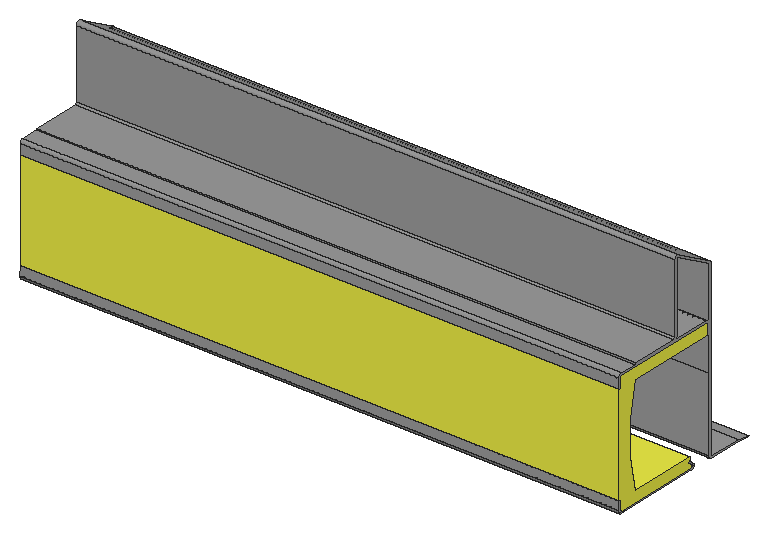
Revit family "Roller Shutter Lintel", category Generic Models, Revit 2014
Parameters (values of type "Max lintel length 4800mm")
  URL = "http://www.keystonelintels.co.uk"
  Structural Opening [instance] = 900 mm
  Structural Performance = "The Keystone lintel range has safe working loads as detailed in each applicable loading table in the Keystone Lintel Guide brochure. The structural performance figures within each table have been ascertained by testing in accordance with the requirements of standards BS EN 5977-2: 1983 and BS EN 845-2: 2003."
  RIBA Productor Selector = "available for Keystone Lintels Ltd from Keystone Lintels Ltd from ribaproductselector.com"
  Model = "Roller Shutter Lintel"
  Min Length = 600 mm
  Min Clear Span = 300 mm
  Max Length = 4800 mm
  Max Clear Span = 4800 mm
  Material - Stainless Steel = "Grade 304 2b 1.4307 to BS EN 10088-2. Other grades available on request: contact manufacturer."
  Material - Galvanised Steel = "To BS EN 10346: 2009. DX51D plus Z600 or grade Z275 to BS 5977-2: 1983 (BS EN 845-2: 2003)."
  Manufacturer = "Keystone"
  Manufactured Length [instance] = (roundup(Effective Length / 150 mm) * 150 mm)  # 1200 mm
  Lintel height [instance] = 2100 mm
  Keynote = "F30/755"
  Fire Performance = "Keystone lintels have been subjected to a fire test (WARRES No. 101263) in accordance with BS 476-20: 1987, at Exova Warrington Fire and achieved a one hour fire performance."
  End Bearing = 150 mm
  Effective Length [instance] = Clear Opening with MIN MAX set + End Bearing * 2  # 1200 mm
  Corrosion = "Keystone’s standard range of lintels are manufactured from high quality grade pre-galvanized carbon steel with a zinc coating of 600"
  Contact Tel = "+44 (0)28 8676 2184"
  Contact Email = "info@keystonelintels.co.uk"
  Clear Opening with MIN MAX set [instance] = if(Structural Opening < Min Clear Span, Min Clear Span, (if(Structural Opening > Max Clear Span, Max Clear Span, Structural Opening)))  # 900 mm
  CPD Information = "Available for Keystone Lintels Ltd from ribacpd.com"
Reference planes
  plane 1 "Center (Front/Back)": y = 0
  plane 2: z = 0
  plane 3 "Center (Left/Right)": x = 0
  plane 4: x = -600
  plane 5: x = 600
  plane 6: z = 2100
  plane 7: x = -450
  plane 8: x = 450
Forms (mm)
  Extrusion 1, solid, not visible
    sketch origin (0, 1152.446, 682.92) x (0, 1, 0) y (0, 0, 1)
      loop
        line (-555.344, 908.252) -> (-554.986, 911.23) -> (-579.986, 914.23) -> (-646.986, 914.23)
        arc (-646.986, 914.23) -> (-649.108, 915.109) -> (-649.986, 917.23) r 3
        line (-649.986, 917.23) -> (-649.986, 1111.23) -> (-649.986, 1264.084)
        arc (-649.986, 1264.084) -> (-650.388, 1265.584) -> (-651.486, 1266.682) r 3
        line (-651.486, 1266.682) -> (-728.986, 1311.427)
        arc (-728.986, 1311.427) -> (-734.986, 1311.427) -> (-737.986, 1306.23) r 6
        line (-737.986, 1306.23) -> (-737.986, 1168.23)
        arc (-737.986, 1168.23) -> (-738.865, 1166.109) -> (-740.986, 1165.23) r 3
        line (-740.986, 1165.23) -> (-837.986, 1165.23) -> (-837.986, 1162.23) -> (-740.986, 1162.23)
        arc (-740.986, 1162.23) -> (-736.744, 1163.988) -> (-734.986, 1168.23) r 6
        line (-734.986, 1168.23) -> (-734.986, 1306.23)
        arc (-734.986, 1306.23) -> (-733.486, 1308.828) -> (-730.486, 1308.828) r 3
        line (-730.486, 1308.828) -> (-654.504, 1264.96)
        arc (-654.504, 1264.96) -> (-653.404, 1263.86) -> (-652.986, 1262.362) r 3.066
        line (-652.986, 1262.362) -> (-652.986, 1067.23) -> (-652.986, 917.23)
        arc (-652.986, 917.23) -> (-651.229, 912.988) -> (-646.986, 911.23) r 6
        line (-646.986, 911.23) -> (-580.166, 911.23) -> (-555.344, 908.252)
    from 0 to 250
  Extrusion 2, solid, not visible
    sketch origin (0, 587.529, 977.146) x (0, 1, 0) y (0, 0, 1)
      loop
        line (-695.852, 919.352) -> (-703.287, 926.787) -> (-701.166, 928.908) -> (-701.166, 936.23) -> (-875.986, 936.23) -> (-875.986, 917.23)
        arc (-875.986, 917.23) -> (-875.108, 915.109) -> (-872.986, 914.23) r 3
        line (-872.986, 914.23) -> (-697.974, 914.23)
        arc (-697.974, 914.23) -> (-695.202, 916.082) -> (-695.852, 919.352) r 3
    from 0 to 250
  Extrusion 3, solid, not visible
    sketch origin (0, 195.986, 825.77) x (0, 1, 0) y (0, 0, 1)
      loop
        line (-703.287, 926.787) -> (-695.852, 919.352)
        arc (-695.852, 919.352) -> (-695.202, 916.082) -> (-697.974, 914.23) r 3
        line (-697.974, 914.23) -> (-872.986, 914.23)
        arc (-872.986, 914.23) -> (-875.108, 915.109) -> (-875.986, 917.23) r 3
        line (-875.986, 917.23) -> (-875.986, 936.23) -> (-878.986, 936.23) -> (-878.986, 917.23)
        arc (-878.986, 917.23) -> (-877.229, 912.988) -> (-872.986, 911.23) r 6
        line (-872.986, 911.23) -> (-697.974, 911.23)
        arc (-697.974, 911.23) -> (-692.43, 914.934) -> (-693.731, 921.473) r 6
        line (-693.731, 921.473) -> (-701.166, 928.908) -> (-703.287, 926.787)
    from 0 to 250
  Extrusion 4, solid, not visible
    sketch origin (0, 395.306, 1132.595) x (0, 1, 0) y (0, 0, 1)
      loop
        arc (-838.986, 936.23) -> (-853.986, 1036.23) -> (-838.986, 1136.23) r 340.833
        line (-838.986, 1136.23) -> (-875.986, 1136.23) -> (-878.986, 1136.23) -> (-878.986, 936.23) -> (-838.986, 936.23)
    from 0 to 250
  Extrusion 5, solid, not visible
    sketch origin (0, 250.964, 1297.917) x (0, 1, 0) y (0, 0, 1)
      loop
        arc (-655.986, 1156.23) -> (-656.865, 1158.352) -> (-658.986, 1159.23) r 3
        line (-658.986, 1159.23) -> (-872.986, 1159.23)
        arc (-872.986, 1159.23) -> (-875.108, 1158.352) -> (-875.986, 1156.23) r 3
        line (-875.986, 1156.23) -> (-875.986, 1136.23) -> (-655.986, 1136.23) -> (-655.986, 1156.23)
    from 0 to 250
  Extrusion 6, solid, not visible
    sketch origin (0, 158.986, 1377.77) x (0, 1, 0) y (0, 0, 1)
      loop
        line (-652.986, 1136.23) -> (-652.986, 1156.23)
        arc (-652.986, 1156.23) -> (-654.744, 1160.473) -> (-658.986, 1162.23) r 6
        line (-658.986, 1162.23) -> (-872.986, 1162.23)
        arc (-872.986, 1162.23) -> (-877.229, 1160.473) -> (-878.986, 1156.23) r 6
        line (-878.986, 1156.23) -> (-878.986, 1136.23) -> (-875.986, 1136.23) -> (-875.986, 1156.23)
        arc (-875.986, 1156.23) -> (-875.108, 1158.352) -> (-872.986, 1159.23) r 3
        line (-872.986, 1159.23) -> (-658.986, 1159.23)
        arc (-658.986, 1159.23) -> (-656.865, 1158.352) -> (-655.986, 1156.23) r 3
        line (-655.986, 1156.23) -> (-655.986, 1136.23) -> (-652.986, 1136.23)
    from 0 to 250
  Extrusion 7, solid, not visible
    sketch origin (0, 588.31, 1386.925) x (0, 1, 0) y (0, 0, 1)
      loop
        line (-652.986, 1156.23) -> (-652.986, 1262.362)
        arc (-652.986, 1262.362) -> (-653.404, 1263.86) -> (-654.504, 1264.96) r 3.066
        line (-654.504, 1264.96) -> (-730.486, 1308.828)
        arc (-730.486, 1308.828) -> (-733.486, 1308.828) -> (-734.986, 1306.23) r 3
        line (-734.986, 1306.23) -> (-734.986, 1168.23)
        arc (-734.986, 1168.23) -> (-736.744, 1163.988) -> (-740.986, 1162.23) r 6
        line (-740.986, 1162.23) -> (-658.986, 1162.23)
        arc (-658.986, 1162.23) -> (-654.744, 1160.473) -> (-652.986, 1156.23) r 6
    from 0 to 250
  Extrusion 8, solid, material "Steel"
    sketch origin (0, 692.495, -414.23) x (0, 1, 0) y (0, 0, 1)
      loop
        line (-555.344, 2508.252) -> (-554.986, 2511.23) -> (-579.986, 2514.23) -> (-646.986, 2514.23)
        arc (-646.986, 2514.23) -> (-649.108, 2515.109) -> (-649.986, 2517.23) r 3
        line (-649.986, 2517.23) -> (-649.986, 2667.23) -> (-649.986, 2864.084)
        arc (-649.986, 2864.084) -> (-650.388, 2865.584) -> (-651.486, 2866.682) r 3
        line (-651.486, 2866.682) -> (-728.986, 2911.427)
        arc (-728.986, 2911.427) -> (-734.986, 2911.427) -> (-737.986, 2906.23) r 6
        line (-737.986, 2906.23) -> (-737.986, 2768.23)
        arc (-737.986, 2768.23) -> (-738.865, 2766.109) -> (-740.986, 2765.23) r 3
        line (-740.986, 2765.23) -> (-837.986, 2765.23) -> (-837.986, 2762.23) -> (-872.986, 2762.23)
        arc (-872.986, 2762.23) -> (-877.229, 2760.473) -> (-878.986, 2756.23) r 6
        line (-878.986, 2756.23) -> (-878.986, 2736.23) -> (-875.986, 2736.23) -> (-875.986, 2756.23)
        arc (-875.986, 2756.23) -> (-875.108, 2758.352) -> (-872.986, 2759.23) r 3
        line (-872.986, 2759.23) -> (-658.986, 2759.23)
        arc (-658.986, 2759.23) -> (-656.865, 2758.352) -> (-655.986, 2756.23) r 3
        line (-655.986, 2756.23) -> (-655.986, 2736.23) -> (-652.986, 2736.23) -> (-652.986, 2667.23) -> (-652.986, 2517.23)
        arc (-652.986, 2517.23) -> (-651.229, 2512.988) -> (-646.986, 2511.23) r 6
        line (-646.986, 2511.23) -> (-580.166, 2511.23) -> (-555.344, 2508.252)
      loop
        line (-652.986, 2756.23) -> (-652.986, 2862.362)
        arc (-652.986, 2862.362) -> (-653.404, 2863.86) -> (-654.504, 2864.96) r 3.066
        line (-654.504, 2864.96) -> (-730.486, 2908.828)
        arc (-730.486, 2908.828) -> (-733.486, 2908.828) -> (-734.986, 2906.23) r 3
        line (-734.986, 2906.23) -> (-734.986, 2768.23)
        arc (-734.986, 2768.23) -> (-736.744, 2763.988) -> (-740.986, 2762.23) r 6
        line (-740.986, 2762.23) -> (-658.986, 2762.23)
        arc (-658.986, 2762.23) -> (-654.744, 2760.473) -> (-652.986, 2756.23) r 6
    from -600 to 600
  Extrusion 9, solid, not visible
    sketch origin (0, 1109.986, 644.898) x (0, 1, 0) y (0, 0, 1)
      loop
        line (-555.344, 908.252) -> (-554.986, 911.23) -> (-579.986, 914.23) -> (-646.986, 914.23)
        arc (-646.986, 914.23) -> (-649.108, 915.109) -> (-649.986, 917.23) r 3
        line (-649.986, 917.23) -> (-649.986, 1067.23) -> (-649.986, 1264.084)
        arc (-649.986, 1264.084) -> (-650.388, 1265.584) -> (-651.486, 1266.682) r 3
        line (-651.486, 1266.682) -> (-728.986, 1311.427)
        arc (-728.986, 1311.427) -> (-734.986, 1311.427) -> (-737.986, 1306.23) r 6
        line (-737.986, 1306.23) -> (-737.986, 1168.23)
        arc (-737.986, 1168.23) -> (-738.865, 1166.109) -> (-740.986, 1165.23) r 3
        line (-740.986, 1165.23) -> (-837.986, 1165.23) -> (-837.986, 1162.23) -> (-872.986, 1162.23)
        arc (-872.986, 1162.23) -> (-877.229, 1160.473) -> (-878.986, 1156.23) r 6
        line (-878.986, 1156.23) -> (-878.986, 1136.23) -> (-875.986, 1136.23) -> (-875.986, 1156.23)
        arc (-875.986, 1156.23) -> (-875.108, 1158.352) -> (-872.986, 1159.23) r 3
        line (-872.986, 1159.23) -> (-658.986, 1159.23)
        arc (-658.986, 1159.23) -> (-656.865, 1158.352) -> (-655.986, 1156.23) r 3
        line (-655.986, 1156.23) -> (-655.986, 1136.23) -> (-652.986, 1136.23) -> (-652.986, 1067.23) -> (-652.986, 917.23)
        arc (-652.986, 917.23) -> (-651.229, 912.988) -> (-646.986, 911.23) r 6
        line (-646.986, 911.23) -> (-580.166, 911.23) -> (-555.344, 908.252)
      loop
        line (-652.986, 1156.23) -> (-652.986, 1262.362)
        arc (-652.986, 1262.362) -> (-653.404, 1263.86) -> (-654.504, 1264.96) r 3.066
        line (-654.504, 1264.96) -> (-730.486, 1308.828)
        arc (-730.486, 1308.828) -> (-733.486, 1308.828) -> (-734.986, 1306.23) r 3
        line (-734.986, 1306.23) -> (-734.986, 1168.23)
        arc (-734.986, 1168.23) -> (-736.744, 1163.988) -> (-740.986, 1162.23) r 6
        line (-740.986, 1162.23) -> (-658.986, 1162.23)
        arc (-658.986, 1162.23) -> (-654.744, 1160.473) -> (-652.986, 1156.23) r 6
    from 0 to 250
  Extrusion 10, solid, material "Insulation"
    sketch origin (0, 692.495, -414.23) x (0, 1, 0) y (0, 0, 1)
      loop
        arc (-655.986, 2756.23) -> (-656.865, 2758.352) -> (-658.986, 2759.23) r 3
        line (-658.986, 2759.23) -> (-872.986, 2759.23)
        arc (-872.986, 2759.23) -> (-875.108, 2758.352) -> (-875.986, 2756.23) r 3
        line (-875.986, 2756.23) -> (-875.986, 2736.23) -> (-878.986, 2736.23) -> (-878.986, 2536.23) -> (-875.986, 2536.23) -> (-875.986, 2517.23)
        arc (-875.986, 2517.23) -> (-875.108, 2515.109) -> (-872.986, 2514.23) r 3
        line (-872.986, 2514.23) -> (-697.974, 2514.23)
        arc (-697.974, 2514.23) -> (-695.202, 2516.082) -> (-695.852, 2519.352) r 3
        line (-695.852, 2519.352) -> (-703.287, 2526.787) -> (-701.166, 2528.908) -> (-701.166, 2536.23) -> (-838.986, 2536.23)
        arc (-838.986, 2536.23) -> (-853.986, 2636.23) -> (-838.986, 2736.23) r 340.833
        line (-838.986, 2736.23) -> (-655.986, 2736.23) -> (-655.986, 2756.23)
    from -600 to 600
  Extrusion 11, solid, not visible
    sketch origin (0, 434.915, 1285.888) x (0, 1, 0) y (0, 0, 1)
      loop
        arc (-655.986, 1156.23) -> (-656.865, 1158.352) -> (-658.986, 1159.23) r 3
        line (-658.986, 1159.23) -> (-872.986, 1159.23)
        arc (-872.986, 1159.23) -> (-875.108, 1158.352) -> (-875.986, 1156.23) r 3
        line (-875.986, 1156.23) -> (-875.986, 1136.23) -> (-878.986, 1136.23) -> (-878.986, 936.23) -> (-875.986, 936.23) -> (-875.986, 917.23)
        arc (-875.986, 917.23) -> (-875.108, 915.109) -> (-872.986, 914.23) r 3
        line (-872.986, 914.23) -> (-697.974, 914.23)
        arc (-697.974, 914.23) -> (-695.202, 916.082) -> (-695.852, 919.352) r 3
        line (-695.852, 919.352) -> (-703.287, 926.787) -> (-701.166, 928.908) -> (-701.166, 936.23) -> (-838.986, 936.23)
        arc (-838.986, 936.23) -> (-853.986, 1036.23) -> (-838.986, 1136.23) r 340.833
        line (-838.986, 1136.23) -> (-655.986, 1136.23) -> (-655.986, 1156.23)
    from 0 to 250
  Extrusion 12, solid, material "Steel"
    sketch origin (0, 692.495, -414.23) x (0, 1, 0) y (0, 0, 1)
      loop
        arc (-695.852, 2519.352) -> (-695.202, 2516.082) -> (-697.974, 2514.23) r 3
        line (-697.974, 2514.23) -> (-872.986, 2514.23)
        arc (-872.986, 2514.23) -> (-875.108, 2515.109) -> (-875.986, 2517.23) r 3
        line (-875.986, 2517.23) -> (-875.986, 2536.23) -> (-878.986, 2536.23) -> (-878.986, 2517.23)
        arc (-878.986, 2517.23) -> (-877.229, 2512.988) -> (-872.986, 2511.23) r 6
        line (-872.986, 2511.23) -> (-697.974, 2511.23)
        arc (-697.974, 2511.23) -> (-692.43, 2514.934) -> (-693.731, 2521.473) r 6
        line (-693.731, 2521.473) -> (-701.166, 2528.908) -> (-703.287, 2526.787) -> (-695.852, 2519.352)
    from -600 to 600
  Extrusion 13, solid, not visible
    sketch origin (0, 721.945, 1119.543) x (0, 1, 0) y (0, 0, 1)
      loop
        arc (-695.852, 919.352) -> (-695.202, 916.082) -> (-697.974, 914.23) r 3
        line (-697.974, 914.23) -> (-872.986, 914.23)
        arc (-872.986, 914.23) -> (-875.108, 915.109) -> (-875.986, 917.23) r 3
        line (-875.986, 917.23) -> (-875.986, 936.23) -> (-878.986, 936.23) -> (-878.986, 917.23)
        arc (-878.986, 917.23) -> (-877.229, 912.988) -> (-872.986, 911.23) r 6
        line (-872.986, 911.23) -> (-697.974, 911.23)
        arc (-697.974, 911.23) -> (-692.43, 914.934) -> (-693.731, 921.473) r 6
        line (-693.731, 921.473) -> (-701.166, 928.908) -> (-703.287, 926.787) -> (-695.852, 919.352)
    from 0 to 250
Dimensions and locks
  equal spacing: plane 4, plane 3 "Center (Left/Right)", plane 5
  "Manufactured Length": plane 4 to plane 5
  "Lintel height": plane 6 to level
  "Structural Opening": plane 7 to plane 8
  equal spacing: plane 7, plane 3 "Center (Left/Right)", plane 8
  aligned and locked: level to plane 2
  aligned and locked: plane 6 to Extrusion 8
  aligned and locked: Extrusion 10 to plane 6
  aligned and locked: plane 6 to Extrusion 12
  aligned and locked: plane 5 to Extrusion 10
  aligned and locked: Extrusion 10 to plane 4
  aligned and locked: plane 5 to Extrusion 8
  aligned and locked: Extrusion 8 to plane 4
  aligned and locked: plane 5 to Extrusion 12
  aligned and locked: Extrusion 12 to plane 4
Automatic sketch dimensions
  Extrusion 1 sketch curve to Extrusion 1 sketch curve = 0 mm  (x13)
  Extrusion 1 sketch curve to Extrusion 1 sketch curve = 3 mm  (x3)
  Extrusion 1 sketch curve to Extrusion 1 sketch curve = 66.821 mm
  Extrusion 1 sketch curve to Extrusion 1 sketch curve = 0.179 mm
  Extrusion 1 sketch curve to Extrusion 1 sketch curve = 24.822 mm
  Extrusion 1 sketch curve to Extrusion 1 sketch curve = 0.357 mm
  Extrusion 1 sketch curve to Extrusion 1 sketch curve = 150 mm
  Extrusion 1 sketch curve to Extrusion 1 sketch curve = 44 mm
  Extrusion 1 sketch curve to Extrusion 1 sketch curve = 151.131 mm
  Extrusion 1 sketch curve to Extrusion 1 sketch curve = 1.722 mm
  Extrusion 1 sketch curve to Extrusion 1 sketch curve = 3.066 mm
  Extrusion 1 sketch curve to Extrusion 1 sketch curve = 0.048 mm
  Extrusion 1 sketch curve to Extrusion 1 sketch curve = 1.517 mm
  Extrusion 1 sketch curve to Extrusion 1 sketch curve = 1.5 mm  (x3)
  Extrusion 1 sketch curve to Extrusion 1 sketch curve = 74.483 mm
  Extrusion 1 sketch curve to Extrusion 1 sketch curve = 46.467 mm
  Extrusion 1 sketch curve to Extrusion 1 sketch curve = 2.598 mm  (x2)
  Extrusion 1 sketch curve to Extrusion 1 sketch curve = 57 mm
  Extrusion 1 sketch curve to Extrusion 1 sketch curve = 97 mm
  Extrusion 2 sketch curve to Extrusion 2 sketch curve = 2.121 mm  (x3)
  Extrusion 2 sketch curve to Extrusion 2 sketch curve = 7.435 mm  (x2)
  Extrusion 2 sketch curve to Extrusion 2 sketch curve = 169.699 mm
  Extrusion 2 sketch curve to Extrusion 2 sketch curve = 7.322 mm
  Extrusion 2 sketch curve to Extrusion 2 sketch curve = 3 mm
  Extrusion 3 sketch curve to Extrusion 3 sketch curve = 2.121 mm  (x5)
  Extrusion 3 sketch curve to Extrusion 3 sketch curve = 7.435 mm
  Extrusion 3 sketch curve to Extrusion 3 sketch curve = 169.699 mm
  Extrusion 3 sketch curve to Extrusion 3 sketch curve = 3 mm
  Extrusion 3 sketch curve to Extrusion 3 sketch curve = 0 mm  (x8)
  Extrusion 3 sketch curve to Extrusion 3 sketch curve = 19 mm
  Extrusion 4 sketch curve to Extrusion 4 sketch curve = 325.833 mm
  Extrusion 4 sketch curve to Extrusion 4 sketch curve = 0 mm
  Extrusion 4 sketch curve to Extrusion 4 sketch curve = 37 mm
  Extrusion 4 sketch curve to Extrusion 4 sketch curve = 100 mm
  Extrusion 4 sketch curve to Extrusion 4 sketch curve = 3 mm
  Extrusion 5 sketch curve to Extrusion 5 sketch curve = 3 mm  (x2)
  Extrusion 5 sketch curve to Extrusion 5 sketch curve = 20 mm
  Extrusion 5 sketch curve to Extrusion 5 sketch curve = 214 mm
  Extrusion 6 sketch curve to Extrusion 6 sketch curve = 3 mm  (x3)
  Extrusion 6 sketch curve to Extrusion 6 sketch curve = 20 mm  (x2)
  Extrusion 6 sketch curve to Extrusion 6 sketch curve = 0 mm  (x8)
  Extrusion 6 sketch curve to Extrusion 6 sketch curve = 214 mm
  Extrusion 7 sketch curve to Extrusion 7 sketch curve = 6 mm  (x3)
  Extrusion 7 sketch curve to Extrusion 7 sketch curve = 82 mm  (x2)
  Extrusion 7 sketch curve to Extrusion 7 sketch curve = 0 mm
  Extrusion 7 sketch curve to Extrusion 7 sketch curve = 100.131 mm
  Extrusion 7 sketch curve to Extrusion 7 sketch curve = 43.869 mm
  Extrusion 7 sketch curve to Extrusion 7 sketch curve = 3.066 mm
  Extrusion 7 sketch curve to Extrusion 7 sketch curve = 0.048 mm
  Extrusion 7 sketch curve to Extrusion 7 sketch curve = 1.517 mm
  Extrusion 7 sketch curve to Extrusion 7 sketch curve = 4.5 mm
  Extrusion 7 sketch curve to Extrusion 7 sketch curve = 2.598 mm
  Extrusion 7 sketch curve to Extrusion 7 sketch curve = 75.934 mm
  Extrusion 8 sketch curve to Extrusion 8 sketch curve = 0 mm  (x25)
  Extrusion 8 sketch curve to Extrusion 8 sketch curve = 3 mm  (x7)
  Extrusion 8 sketch curve to Extrusion 8 sketch curve = 66.821 mm
  Extrusion 8 sketch curve to Extrusion 8 sketch curve = 0.179 mm
  Extrusion 8 sketch curve to Extrusion 8 sketch curve = 24.822 mm
  Extrusion 8 sketch curve to Extrusion 8 sketch curve = 0.357 mm
  Extrusion 8 sketch curve to Extrusion 8 sketch curve = 150 mm
  Extrusion 8 sketch curve to Extrusion 8 sketch curve = 196.853 mm
  Extrusion 8 sketch curve to Extrusion 8 sketch curve = 1.722 mm
  Extrusion 8 sketch curve to Extrusion 8 sketch curve = 3.066 mm
  Extrusion 8 sketch curve to Extrusion 8 sketch curve = 0.048 mm
  Extrusion 8 sketch curve to Extrusion 8 sketch curve = 1.517 mm
  Extrusion 8 sketch curve to Extrusion 8 sketch curve = 1.5 mm  (x3)
  Extrusion 8 sketch curve to Extrusion 8 sketch curve = 74.483 mm
  Extrusion 8 sketch curve to Extrusion 8 sketch curve = 46.467 mm
  Extrusion 8 sketch curve to Extrusion 8 sketch curve = 2.598 mm  (x2)
  Extrusion 8 sketch curve to Extrusion 8 sketch curve = 94.083 mm
  Extrusion 8 sketch curve to Extrusion 8 sketch curve = 103 mm
  Extrusion 8 sketch curve to Extrusion 8 sketch curve = 20 mm  (x2)
  Extrusion 8 sketch curve to Extrusion 8 sketch curve = 35 mm
  Extrusion 8 sketch curve to Extrusion 8 sketch curve = 29 mm
  Extrusion 8 sketch curve to Extrusion 8 sketch curve = 79 mm
  Extrusion 9 sketch curve to Extrusion 9 sketch curve = 0 mm  (x25)
  Extrusion 9 sketch curve to Extrusion 9 sketch curve = 3 mm  (x7)
  Extrusion 9 sketch curve to Extrusion 9 sketch curve = 66.821 mm
  Extrusion 9 sketch curve to Extrusion 9 sketch curve = 0.179 mm
  Extrusion 9 sketch curve to Extrusion 9 sketch curve = 24.822 mm
  Extrusion 9 sketch curve to Extrusion 9 sketch curve = 0.357 mm
  Extrusion 9 sketch curve to Extrusion 9 sketch curve = 150 mm
  Extrusion 9 sketch curve to Extrusion 9 sketch curve = 196.853 mm
  Extrusion 9 sketch curve to Extrusion 9 sketch curve = 1.722 mm
  Extrusion 9 sketch curve to Extrusion 9 sketch curve = 3.066 mm
  Extrusion 9 sketch curve to Extrusion 9 sketch curve = 0.048 mm
  Extrusion 9 sketch curve to Extrusion 9 sketch curve = 1.517 mm
  Extrusion 9 sketch curve to Extrusion 9 sketch curve = 1.5 mm  (x3)
  Extrusion 9 sketch curve to Extrusion 9 sketch curve = 74.483 mm
  Extrusion 9 sketch curve to Extrusion 9 sketch curve = 46.467 mm
  Extrusion 9 sketch curve to Extrusion 9 sketch curve = 2.598 mm  (x2)
  Extrusion 9 sketch curve to Extrusion 9 sketch curve = 94.083 mm
  Extrusion 9 sketch curve to Extrusion 9 sketch curve = 103 mm
  Extrusion 9 sketch curve to Extrusion 9 sketch curve = 20 mm  (x2)
  Extrusion 9 sketch curve to Extrusion 9 sketch curve = 35 mm
  Extrusion 9 sketch curve to Extrusion 9 sketch curve = 29 mm
  Extrusion 9 sketch curve to Extrusion 9 sketch curve = 79 mm
  Extrusion 10 sketch curve to Extrusion 10 sketch curve = 3 mm  (x4)
  Extrusion 10 sketch curve to Extrusion 10 sketch curve = 20 mm  (x2)
  Extrusion 10 sketch curve to Extrusion 10 sketch curve = 214 mm
  Extrusion 10 sketch curve to Extrusion 10 sketch curve = 142.833 mm
  Extrusion 10 sketch curve to Extrusion 10 sketch curve = 100 mm
  Extrusion 10 sketch curve to Extrusion 10 sketch curve = 0 mm  (x2)
  Extrusion 10 sketch curve to Extrusion 10 sketch curve = 137.82 mm
  Extrusion 10 sketch curve to Extrusion 10 sketch curve = 7.322 mm
  Extrusion 10 sketch curve to Extrusion 10 sketch curve = 2.121 mm  (x4)
  Extrusion 10 sketch curve to Extrusion 10 sketch curve = 7.435 mm
  Extrusion 10 sketch curve to Extrusion 10 sketch curve = 34 mm
  Extrusion 10 sketch curve to Extrusion 10 sketch curve = 40 mm
  Extrusion 11 sketch curve to Extrusion 11 sketch curve = 3 mm  (x4)
  Extrusion 11 sketch curve to Extrusion 11 sketch curve = 20 mm  (x2)
  Extrusion 11 sketch curve to Extrusion 11 sketch curve = 214 mm
  Extrusion 11 sketch curve to Extrusion 11 sketch curve = 142.833 mm
  Extrusion 11 sketch curve to Extrusion 11 sketch curve = 100 mm
  Extrusion 11 sketch curve to Extrusion 11 sketch curve = 0 mm  (x2)
  Extrusion 11 sketch curve to Extrusion 11 sketch curve = 137.82 mm
  Extrusion 11 sketch curve to Extrusion 11 sketch curve = 7.322 mm
  Extrusion 11 sketch curve to Extrusion 11 sketch curve = 2.121 mm  (x4)
  Extrusion 11 sketch curve to Extrusion 11 sketch curve = 7.435 mm
  Extrusion 11 sketch curve to Extrusion 11 sketch curve = 34 mm
  Extrusion 11 sketch curve to Extrusion 11 sketch curve = 40 mm
  Extrusion 12 sketch curve to Extrusion 12 sketch curve = 2.121 mm  (x4)
  Extrusion 12 sketch curve to Extrusion 12 sketch curve = 7.435 mm  (x2)
  Extrusion 12 sketch curve to Extrusion 12 sketch curve = 169.699 mm
  Extrusion 12 sketch curve to Extrusion 12 sketch curve = 3 mm
  Extrusion 12 sketch curve to Extrusion 12 sketch curve = 0 mm  (x8)
  Extrusion 12 sketch curve to Extrusion 12 sketch curve = 19 mm
  Extrusion 13 sketch curve to Extrusion 13 sketch curve = 2.121 mm  (x4)
  Extrusion 13 sketch curve to Extrusion 13 sketch curve = 7.435 mm  (x2)
  Extrusion 13 sketch curve to Extrusion 13 sketch curve = 169.699 mm
  Extrusion 13 sketch curve to Extrusion 13 sketch curve = 3 mm
  Extrusion 13 sketch curve to Extrusion 13 sketch curve = 0 mm  (x8)
  Extrusion 13 sketch curve to Extrusion 13 sketch curve = 19 mm
  Extrusion 12 sketch curve to plane 6 = 0 mm
  plane 1 "Center (Front/Back)" to Extrusion 12 sketch curve = 186.491 mm
  Extrusion 10 sketch curve to plane 6 = 0 mm
  plane 1 "Center (Front/Back)" to Extrusion 10 sketch curve = 186.491 mm
  Extrusion 8 sketch curve to plane 6 = 0 mm
  plane 1 "Center (Front/Back)" to Extrusion 8 sketch curve = 186.491 mm
